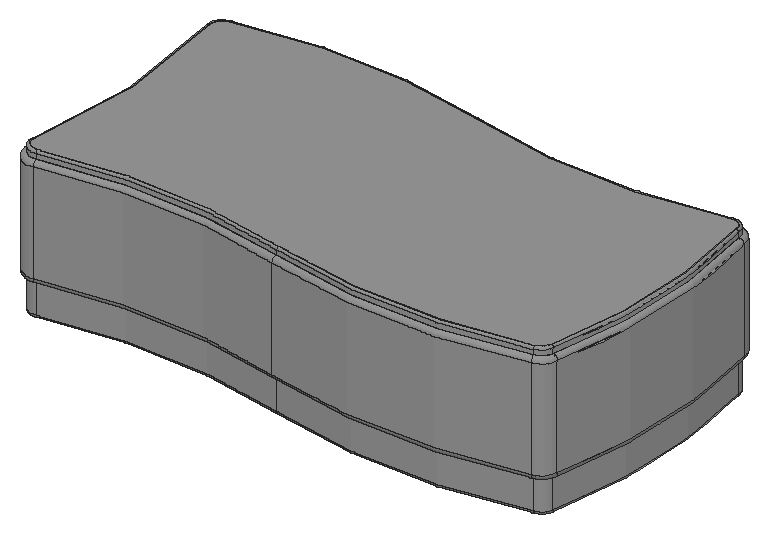
Revit family "16QST Creator Rectangle Bench Lam Top", category Generic Models, Revit 2018
Family settings
  Can host rebar = No
  Round Connector Dimension = Use Diameter
  Part Type = Normal
  Work Plane-Based = No
  Always vertical = Yes
  Cut with Voids When Loaded = No
  Shared = No
  Room Calculation Point = No
Parameters
  Surface = 16QST Creator Rectangle Surface
  Fabric = 16QST Creator Rectangle Fabric
  Edgeband = 16QST Creator Rectangle Edgeband
Reference planes (in)
  plane 1 "Center (Front/Back)": y = 0
  plane 2: z = 0
  plane 3 "Center (Left/Right)": x = 0
Forms (in)
  Extrusion 1, solid, material "16QST Creator Rectangle Fabric" <- "Fabric"
    sketch origin (0.0462923, 0.060387, 0) x (-0.999391, 0.034899, 0) y (-0.034899, -0.999391, 0)
      loop
        arc (-29.0356933, -12.1350259) -> (-28.4155705, -13.2881803) -> (-27.1270036, -13.5203717) r 1.5064612
        arc (-27.1270036, -13.5203717) -> (-13.656203, -11.4394117) -> (-0.0722621, -12.5660943) r 57.885936
        arc (-0.0722621, -12.5660943) -> (13.246286, -13.6748135) -> (26.4560782, -11.6464221) r 56.9013266
        arc (26.4560782, -11.6464221) -> (27.3655023, -10.9366776) -> (27.5068668, -9.7917735) r 1.5075188
        arc (27.5068668, -9.7917735) -> (25.5125262, 2.1009698) -> (26.0080504, 14.1495878) r 58.2885551
        arc (26.0080504, 14.1495878) -> (25.5248856, 15.4880028) -> (24.143401, 15.8290355) r 1.508466
        arc (24.143401, 15.8290355) -> (11.2217681, 14.0459827) -> (-1.7730582, 15.1783975) r 58.3420232
        arc (-1.7730582, 15.1783975) -> (-15.4908267, 16.2593856) -> (-29.0710044, 14.0402682) r 57.3258487
        arc (-29.0710044, 14.0402682) -> (-29.7696522, 13.6022302) -> (-30.132262, 12.8616222) r 1.5037825
        arc (-30.132262, 12.8616222) -> (-30.9982331, 0.3012567) -> (-29.0356933, -12.1350259) r 55.9871904
    from 4 to 15.75
  Sweep 2, solid, material "16QST Creator Rectangle Fabric" <- "Fabric"
    path origin (0.0462923, 0.060387, 0) x (-0.999391, 0.034899, 0) y (-0.034899, -0.999391, 0)
      loop
        arc (26.4560782, -11.6464221) -> (27.3655023, -10.9366776) -> (27.5068668, -9.7917735) r 1.5075188
        arc (27.5068668, -9.7917735) -> (25.5125262, 2.1009698) -> (26.0080504, 14.1495878) r 58.2885551
        arc (26.0080504, 14.1495878) -> (25.5248856, 15.4880028) -> (24.143401, 15.8290355) r 1.508466
        arc (24.143401, 15.8290355) -> (11.2217681, 14.0459827) -> (-1.7730582, 15.1783975) r 58.3420232
        arc (-1.7730582, 15.1783975) -> (-15.4908267, 16.2593856) -> (-29.0710044, 14.0402682) r 57.3258487
        arc (-29.0710044, 14.0402682) -> (-29.7696522, 13.6022302) -> (-30.132262, 12.8616222) r 1.5037825
        arc (-30.132262, 12.8616222) -> (-30.9982331, 0.3012567) -> (-29.0356933, -12.1350259) r 55.9871904
        arc (-29.0356933, -12.1350259) -> (-28.4155705, -13.2881803) -> (-27.1270036, -13.5203717) r 1.5064612
        arc (-27.1270036, -13.5203717) -> (-13.656203, -11.4394117) -> (-0.0722621, -12.5660943) r 57.885936
        arc (-0.0722621, -12.5660943) -> (13.246286, -13.6748135) -> (26.4560782, -11.6464221) r 56.9013266
    profile origin (-12.7146803, 14.1891588, 0) x (0.000253, 1, 0) y (0, 0, 1)
      loop
        arc (0, 4) -> (0.3694757, 4.1530419) -> (0.5225176, 4.5225176) r 0.5225176
        line (0.5225176, 4.5225176) -> (0.5225176, 15.2197275)
        arc (0.5225176, 15.2197275) -> (0.3699395, 15.5919551) -> (0, 15.75) r 0.5303301
        line (0, 15.75) -> (0, 4)
  Extrusion 3, solid, material "16QS Trim"
    sketch origin (0.0462923, 0.060387, 0) x (-0.999391, 0.034899, 0) y (-0.034899, -0.999391, 0)
      loop
        arc (-0.0208499, -12.3134601) -> (13.2373536, -13.4171557) -> (26.387294, -11.3979548) r 56.6435141
        arc (26.387294, -11.3979548) -> (27.1411904, -10.8095892) -> (27.2583791, -9.860484) r 1.2497063
        arc (27.2583791, -9.860484) -> (25.2552175, 2.0848614) -> (25.7529334, 14.1867708) r 58.5463676
        arc (25.7529334, 14.1867708) -> (25.3523464, 15.2964368) -> (24.2069719, 15.5791835) r 1.2506535
        arc (24.2069719, 15.5791835) -> (11.2282385, 13.7882514) -> (-1.8240118, 14.9256703) r 58.5998357
        arc (-1.8240118, 14.9256703) -> (-15.4800871, 16.0017969) -> (-28.9991904, 13.7926595) r 57.0680362
        arc (-28.9991904, 13.7926595) -> (-29.5782226, 13.4295395) -> (-29.8785889, 12.8156059) r 1.24597
        arc (-29.8785889, 12.8156059) -> (-30.740009, 0.2975727) -> (-28.7790388, -12.0958852) r 55.7293779
        arc (-28.7790388, -12.0958852) -> (-28.2753587, -13.0712887) -> (-27.1960878, -13.2719876) r 1.2486487
        arc (-27.1960878, -13.2719876) -> (-13.6652909, -11.1817594) -> (-0.0208499, -12.3134601) r 58.1437485
    from 0.5 to 4
  Sweep 4, solid, material "16QS Trim"
    path origin (0.0462923, 0.060387, 0) x (-0.999391, 0.034899, 0) y (-0.034899, -0.999391, 0)
      loop
        arc (26.387294, -11.3979548) -> (27.1411904, -10.8095892) -> (27.2583791, -9.860484) r 1.2497063
        arc (27.2583791, -9.860484) -> (25.2552175, 2.0848614) -> (25.7529334, 14.1867708) r 58.5463676
        arc (25.7529334, 14.1867708) -> (25.3523464, 15.2964368) -> (24.2069719, 15.5791835) r 1.2506535
        arc (24.2069719, 15.5791835) -> (11.2282385, 13.7882514) -> (-1.8240118, 14.9256703) r 58.5998357
        arc (-1.8240118, 14.9256703) -> (-15.4800871, 16.0017969) -> (-28.9991904, 13.7926595) r 57.0680362
        arc (-28.9991904, 13.7926595) -> (-29.5782226, 13.4295395) -> (-29.8785889, 12.8156059) r 1.24597
        arc (-29.8785889, 12.8156059) -> (-30.740009, 0.2975727) -> (-28.7790388, -12.0958852) r 55.7293779
        arc (-28.7790388, -12.0958852) -> (-28.2753587, -13.0712887) -> (-27.1960878, -13.2719876) r 1.2486487
        arc (-27.1960878, -13.2719876) -> (-13.6652909, -11.1817594) -> (-0.0208499, -12.3134601) r 58.1437485
        arc (-0.0208499, -12.3134601) -> (13.2373536, -13.4171557) -> (26.387294, -11.3979548) r 56.6435141
    profile origin (-12.7147455, 13.9313464, 0) x (0.000253, 1, 0) y (0, 0, 1)
      loop
        arc (0, 0.5) -> (0.182301, 0.5755115) -> (0.2578125, 0.7578125) r 0.2578125
        line (0.2578125, 0.7578125) -> (0.2578125, 4) -> (0, 4) -> (0, 0.5)
  Revolve 5, solid, material "16QS Gliders"
    sketch origin (-1.1306855, 9.9492141, 0) x (-0.999391, 0.034899, 0) y (0, 0, -1)
      loop
        line (23.9153178, -0.5) -> (24.2903178, -0.5) -> (24.2903178, -0.25)
        arc (24.2903178, -0.25) -> (24.2170945, -0.0732233) -> (24.0403178, 0) r 0.25
        line (24.0403178, 0) -> (23.9153178, 0) -> (23.9153178, -0.5)
      axis (23.9153178, -0.5) -> (23.9153178, 0)
    angle from 0 to 360
  Revolve 6, solid, material "16QS Gliders"
    sketch origin (-0.4370877, -13.6286668, 0) x (-0.999391, 0.034899, 0) y (0, 0, -1)
      loop
        line (23.9153178, -0.5) -> (24.2903178, -0.5) -> (24.2903178, -0.25)
        arc (24.2903178, -0.25) -> (24.2170945, -0.0732233) -> (24.0403178, 0) r 0.25
        line (24.0403178, 0) -> (23.9153178, 0) -> (23.9153178, -0.5)
      axis (23.9153178, -0.5) -> (23.9153178, 0)
    angle from 0 to 360
  Revolve 7, solid, material "16QS Gliders"
    sketch origin (51.7180041, -13.9470682, 0) x (-0.999391, 0.034899, 0) y (0, 0, -1)
      loop
        line (23.9153178, -0.5) -> (24.2903178, -0.5) -> (24.2903178, -0.25)
        arc (24.2903178, -0.25) -> (24.2170945, -0.0732233) -> (24.0403178, 0) r 0.25
        line (24.0403178, 0) -> (23.9153178, 0) -> (23.9153178, -0.5)
      axis (23.9153178, -0.5) -> (23.9153178, 0)
    angle from 0 to 360
  Revolve 8, solid, material "16QS Gliders"
    sketch origin (51.5059227, 9.720029, 0) x (-0.999391, 0.034899, 0) y (0, 0, -1)
      loop
        line (23.9153178, -0.5) -> (24.2903178, -0.5) -> (24.2903178, -0.25)
        arc (24.2903178, -0.25) -> (24.2170945, -0.0732233) -> (24.0403178, 0) r 0.25
        line (24.0403178, 0) -> (23.9153178, 0) -> (23.9153178, -0.5)
      axis (23.9153178, -0.5) -> (23.9153178, 0)
    angle from 0 to 360
  Extrusion 9, solid, material "16QST Creator Rectangle Surface" <- "Surface"
    sketch origin (0.0462923, 0.060387, 20.0868199) x (0.034899, 0.999391, 0) y (-0.999391, 0.034899, 0)
      loop
        arc (12.3134601, -0.0208499) -> (13.4171557, 13.2373536) -> (11.3979548, 26.387294) r 56.6435141
        arc (11.3979548, 26.387294) -> (10.8095892, 27.1411904) -> (9.860484, 27.2583791) r 1.2497063
        arc (9.860484, 27.2583791) -> (-2.0848614, 25.2552175) -> (-14.1867708, 25.7529334) r 58.5463676
        arc (-14.1867708, 25.7529334) -> (-15.2964368, 25.3523464) -> (-15.5791835, 24.2069719) r 1.2506535
        arc (-15.5791835, 24.2069719) -> (-13.7882514, 11.2282385) -> (-14.9256703, -1.8240118) r 58.5998357
        arc (-14.9256703, -1.8240118) -> (-16.0017969, -15.4800871) -> (-13.7926595, -28.9991904) r 57.0680362
        arc (-13.7926595, -28.9991904) -> (-13.4295395, -29.5782226) -> (-12.8156059, -29.8785889) r 1.24597
        arc (-12.8156059, -29.8785889) -> (-0.2975727, -30.740009) -> (12.0958852, -28.7790388) r 55.7293779
        arc (12.0958852, -28.7790388) -> (13.0712887, -28.2753587) -> (13.2719876, -27.1960878) r 1.2486487
        arc (13.2719876, -27.1960878) -> (11.1817594, -13.6652909) -> (12.3134601, -0.0208499) r 58.1437485
    from -4.3368199 to -3.5868199
  Sweep 10, solid, material "16QST Creator Rectangle Edgeband" <- "Edgeband"
    path origin (0.0462923, 0.060387, 19.75) x (0.034899, 0.999391, 0) y (-0.999391, 0.034899, 0)
      loop
        arc (11.3979548, 26.387294) -> (10.8095892, 27.1411904) -> (9.860484, 27.2583791) r 1.2497063
        arc (9.860484, 27.2583791) -> (-2.0848614, 25.2552175) -> (-14.1867708, 25.7529334) r 58.5463676
        arc (-14.1867708, 25.7529334) -> (-15.2964368, 25.3523464) -> (-15.5791835, 24.2069719) r 1.2506535
        arc (-15.5791835, 24.2069719) -> (-13.7882514, 11.2282385) -> (-14.9256703, -1.8240118) r 58.5998357
        arc (-14.9256703, -1.8240118) -> (-16.0017969, -15.4800871) -> (-13.7926595, -28.9991904) r 57.0680362
        arc (-13.7926595, -28.9991904) -> (-13.4295395, -29.5782226) -> (-12.8156059, -29.8785889) r 1.24597
        arc (-12.8156059, -29.8785889) -> (-0.2975727, -30.740009) -> (12.0958852, -28.7790388) r 55.7293779
        arc (12.0958852, -28.7790388) -> (13.0712887, -28.2753587) -> (13.2719876, -27.1960878) r 1.2486487
        arc (13.2719876, -27.1960878) -> (11.1817594, -13.6652909) -> (12.3134601, -0.0208499) r 58.1437485
        arc (12.3134601, -0.0208499) -> (13.4171557, 13.2373536) -> (11.3979548, 26.387294) r 56.6435141
    profile origin (-12.7147455, 13.9313464, 19.75) x (0.000253, 1, 0) y (0, 0, 1)
      loop
        line (0, -3.25) -> (0, -4) -> (0.2578125, -4) -> (0.2578125, -3.5078125)
        arc (0.2578125, -3.5078125) -> (0.182301, -3.3255115) -> (0, -3.25) r 0.2578125
Dimensions and locks (in)
  aligned and locked: plane 2 to level
